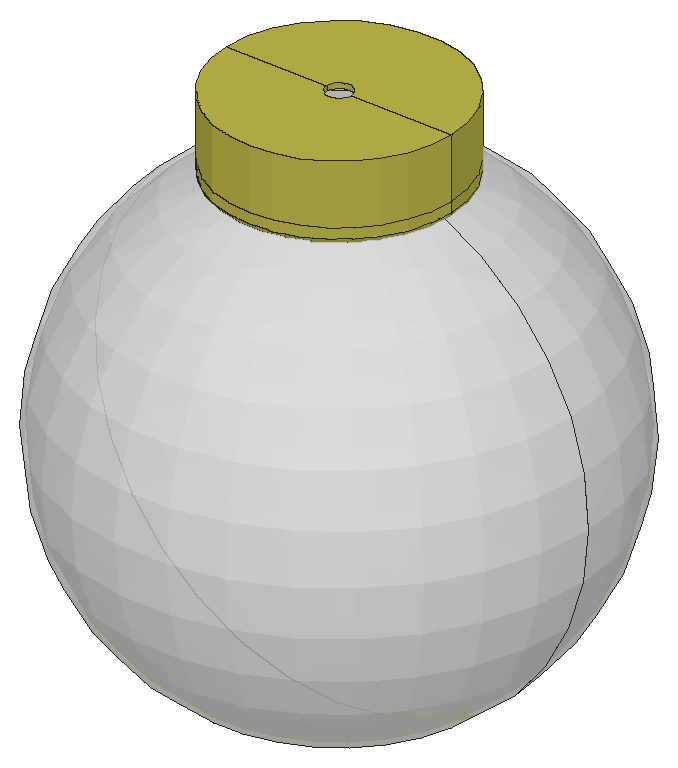
Revit family "OBF10 SHADE", category Lighting Fixtures, Revit 2024
Family settings
  Round Connector Dimension = Use Diameter
  Part Type = Normal
  OmniClass Number = 23.80.70.00
  OmniClass Title = Lighting
  Work Plane-Based = No
  Always vertical = Yes
  Cut with Voids When Loaded = No
  Light Source = No
  Maintain Annotation Orientation = No
  Shared = No
  Room Calculation Point = No
Parameters
  Default Elevation = 0' - 0"
Reference planes (in)
  plane 1 "Light Source Axis (F/B)": y = 0
  plane 2: z = 0
  plane 3 "Light Source Axis (L/R)": x = 0
  plane 4 "Light Source Elevation": z = 54
Forms (in)
  Revolve 1, solid
    sketch origin (0, 0, 0) x (1, 0, 0) y (0, 0, 1)
      loop
        line (-0.25, 65.07922) -> (-2.25, 65.07922) -> (-2.25, 63.88258) -> (-2.25, 63.67922)
        arc (-2.25, 63.67922) -> (-2.22071, 63.60851) -> (-2.15, 63.57922) r 0.1
        line (-2.15, 63.57922) -> (-2.00767, 63.57922)
        arc (-2.00767, 63.57922) -> (-4.89368, 57.97436) -> (0, 54) r 5
        line (0, 54) -> (0, 54.09375)
        arc (0, 54.09375) -> (-4.84916, 58.25372) -> (-1.47518, 63.67922) r 4.90625
        line (-1.47518, 63.67922) -> (-2.15625, 63.67922) -> (-2.15625, 63.88258) -> (-2.15625, 64.98547) -> (-0.25, 64.98547) -> (-0.25, 65.07922)
      axis (0, 65.07922) -> (0, 54)
    angle from 0 to 360
Dimensions and locks (in)
  aligned and locked: level to plane 2
